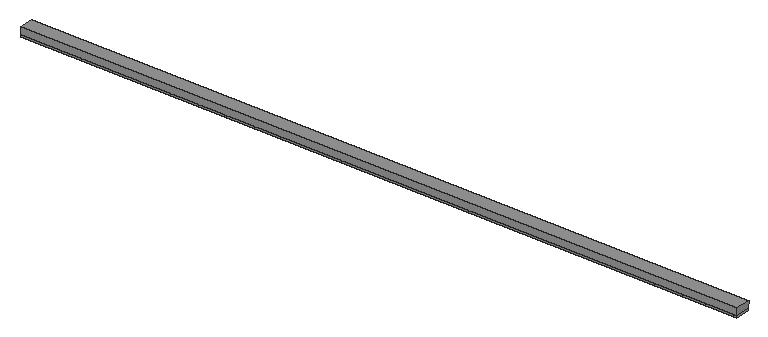
Revit family "0068107", category Lighting Fixtures, host Face, Revit 2017
Family settings
  Host = Face
  Round Connector Dimension = Use Diameter
  Part Type = Normal
  OmniClass Number = 23.80.70.00
  OmniClass Title = Lighting
  Cut with Voids When Loaded = No
  Light Source = Yes
  Shared = No
  Room Calculation Point = No
Parameters (values of type "0068107 START ECO FLEX IP67 840 5000LM - 500 mm")
  Width_SYL = if(IP20HO_SYL, 10 mm, if(IP65_SYL, 12 mm, if(IP65HO_SYL, 10 mm, if(IP67_SYL, 10 mm, if(IP20RGB_SYL, 8 mm, if(IP20RGBW_SYL, 12 mm, if(IP67RGB_SYL, 12 mm, if(IP67RGBW_SYL, 14 mm, 8 mm))))))))  # 10 mm
  Weight = "3.5 kg"
  Wattage Comments = ""
  Wattage = 47.5 W
  WarrantyStartDate [instance] = "n/a"
  WarrantyGuarantorParts = "n/a"
  WarrantyDurationUnit = "n/a"
  WarrantyDurationParts = "n/a"
  WarrantyDescription = "n/a"
  built-in parameter 1150110 = 1 (stored number, unit not read)
  Voltage = 24 V
  URL = "http://www.sylvania-lighting.com"
  TypeName = "START ECO FLEX IP67 840 5000LM - 500 mm"
  Type Image = <None>
  Type Comments = "n/a"
  built-in parameter 1114217 = 1 (stored number, unit not read)
  Tilt Angle = -90.00°
  built-in parameter 1150109 = 1 (stored number, unit not read)
  built-in parameter 1150134 = 12
  built-in parameter 1150113 = 1 (stored number, unit not read)
  StartCapWidth_SYL = if(IP20HO_SYL, 2 mm, if(IP65_SYL, 14 mm, if(IP65HO_SYL, 12 mm, if(IP67_SYL, 17.5 mm, if(IP20RGB_SYL, 2 mm, if(IP20RGBW_SYL, 2 mm, if(IP67RGB_SYL, 14 mm, if(IP67RGBW_SYL, 16 mm, 2 mm))))))))  # 17.5 mm
  StartCapVisible_SYL [instance] = no
  StartCapLength_SYL = if(IP20HO_SYL, 2 mm, if(IP65_SYL, 10 mm, if(IP65HO_SYL, 15 mm, if(IP67_SYL, 35 mm, if(IP20RGB_SYL, 2 mm, if(IP20RGBW_SYL, 2 mm, if(IP67RGB_SYL, 12 mm, if(IP67RGBW_SYL, 12 mm, 2 mm))))))))  # 35 mm
  StartCapHeight_SYL = if(IP20HO_SYL, 2 mm, if(IP65_SYL, 6 mm, if(IP65HO_SYL, 6 mm, if(IP67_SYL, 9.5 mm, if(IP20RGB_SYL, 2 mm, if(IP20RGBW_SYL, 2 mm, if(IP67RGB_SYL, 7 mm, if(IP67RGBW_SYL, 7 mm, 2 mm))))))))  # 9.5 mm
  SerialNumber [instance] = "n/a"
  SealingVisibility_SYL = yes
  IP67_SYL = yes
  IP67RGB_SYL = no
  IP67RGBW_SYL = no
  IP65_SYL = no
  IP65HO_SYL = no
  IP20RGB_SYL = no
  IP20RGBW_SYL = no
  IP20HO_SYL = no
  HeightWithSealing_SYL = if(IP20HO_SYL, 2 mm, if(IP65_SYL, 4 mm, if(IP65HO_SYL, 4 mm, if(IP67_SYL, 6 mm, if(IP20RGB_SYL, 2 mm, if(IP20RGBW_SYL, 2 mm, if(IP67RGB_SYL, 5 mm, if(IP67RGBW_SYL, 5 mm, 2 mm))))))))  # 6 mm
  Photometric Web File = "0068107.ies"
  Material_3_SYL = ABS Plastic
  PowerFactor = 0
  PowerConsumption = "47.5 W"
  NominalLength = 5000 mm
  NominalHeight = 6 mm
  NominalDepth = 13.5 mm
  Name = "START ECO FLEX IP67 840 5000LM - 500 mm"
  ModelReference = Name  # "START ECO FLEX IP67 840 5000LM - 500 mm"
  ModelNumber = "0068107"
  Model = Name  # "START ECO FLEX IP67 840 5000LM - 500 mm"
  Material = "pvc housing, pvc diffuser"
  ManufacturerName = "Feilo Sylvania"
  Manufacturer = "Feilo Sylvania"
  LuminousEfficacy = "105 lm/W"
  built-in parameter 1150105 = 1737.9 (stored number, unit not read)
  Lumens = 4987.5 lm
  LuminaireType = ""
  built-in parameter 1150115 = 1 (stored number, unit not read)
  LightOutputRatio = "n/a"
  built-in parameter 1150137 = (empty or 0)
  built-in parameter 1150139 = (empty or 0)
  Length_SYL = 500 mm
  LampsType = Lamp  # "LED"
  LampNominalLuminous = "5000 lm"
  LampMacAdamStep = "3"
  LampColourTemperature = "4000 K"
  LampColourRenderingIndex = "80"
  built-in parameter 1150112 = 1 (stored number, unit not read)
  built-in parameter 1150114 = 1 (stored number, unit not read)
  Lamp = "LED"
  Keynote = "16500"
  InstallationDate [instance] = "n/a"
  InputVoltage = "24V DC"
  InputNominalFrequency = "n/a"
  built-in parameter 1150132 = (empty or 0)
  built-in parameter 1150102 = (empty or 0)
  built-in parameter 1150107 = 4000 (stored number, unit not read)
  built-in parameter 1150138 = (empty or 0)
  IngressProtection = "IP67"
  ImpactProtectionIndex = "IK00"
  built-in parameter 1150106 = 17.379 (stored number, unit not read)
  IfcExportType = "IfcLightFixtureType"
  IfcExportAs = "IfcLightFixtureType"
  EndCapWidth_SYL = if(IP20HO_SYL, 2 mm, if(IP65_SYL, 14 mm, if(IP65HO_SYL, 12 mm, if(IP67_SYL, 17.5 mm, if(IP20RGB_SYL, 2 mm, if(IP20RGBW_SYL, 2 mm, if(IP67RGB_SYL, 14 mm, if(IP67RGBW_SYL, 16 mm, 2 mm))))))))  # 17.5 mm
  EndCapVisible_SYL [instance] = no
  EndCapLength_SYL = if(IP20HO_SYL, 2 mm, if(IP65_SYL, 10 mm, if(IP65HO_SYL, 10 mm, if(IP67_SYL, 15 mm, if(IP20RGB_SYL, 2 mm, if(IP20RGBW_SYL, 2 mm, if(IP67RGB_SYL, 10 mm, if(IP67RGBW_SYL, 10 mm, 2 mm))))))))  # 15 mm
  EndCapHeight_SYL = if(IP20HO_SYL, 2 mm, if(IP65_SYL, 6 mm, if(IP65HO_SYL, 6 mm, if(IP67_SYL, 9.5 mm, if(IP20RGB_SYL, 2 mm, if(IP20RGBW_SYL, 2 mm, if(IP67RGB_SYL, 7 mm, if(IP67RGBW_SYL, 7 mm, 2 mm))))))))  # 9.5 mm
  EmitSurfaceOffset_SYL = 1 mm  # constant formula
  EmitSurfaceHeight_SYL = if(IP20HO_SYL, 1.2 mm, if(IP65_SYL, 4 mm, if(IP65HO_SYL, 4 mm, if(IP67_SYL, 6 mm, if(IP20RGB_SYL, 1.2 mm, if(IP20RGBW_SYL, 1.2 mm, if(IP67RGB_SYL, 5 mm, if(IP67RGBW_SYL, 5 mm, 1.2 mm))))))))  # 6 mm
  built-in parameter 1150127 = if(IP20HO_SYL, 3.5 mm, if(IP65_SYL, 12 mm, if(IP65HO_SYL, 10 mm, if(IP67_SYL, 10 mm, if(IP20RGB_SYL, 5 mm, if(IP20RGBW_SYL, 5 mm, if(IP67RGB_SYL, 12 mm, if(IP67RGBW_SYL, 14 mm, 3.5 mm))))))))  # 10 mm
  Emit from Rectangle Length = Length_SYL - 2 * EmitSurfaceOffset_SYL  # 498 mm
  Emit Shape Visible in Rendering = no
  ElectricShockClassification = "Class III"
  built-in parameter 1150104 = 9.7548 (stored number, unit not read)
  DocumentationLiterature = "http://www.sylvania-lighting.com/product/en-int/products/0068107"
  DimmingControlOptions = "n/a"
  Material_2_SYL = LED
  Dimming Lamp Color Temperature Shift = <None>
  Description = "5 metre IP67 LED reel with pre-attached 3M adhesive type;  equipped with 300 LEDs; 5000lm per 5m (1000lm per 1m); 24V; 4000K; CRI80; SDCM <3; 30000 hrs (L70)"
  Default Elevation = 1219.2 mm
  CreatedOn = "9/11/2019"
  CreatedBy = "@sylvania-lighting.com"
  Cost = 0
  Color Filter = 16777215
  built-in parameter 1114216 [instance] = (empty or 0)
  ClassificationValue = "EF_70_80"
  ClassificationName = "Uniclass2015"
  Material_1_SYL = Aluminum
  BarCode [instance] = "n/a"
  built-in parameter 1114218 = 1 (stored number, unit not read)
  Emit from Rectangle Width = 3048 mm
  AssetType = "Fixed"
  AssetIdentifier [instance] = "n/a"
  Assembly Code = "D5020200"
  Apparent Load = 47.5 VA
  Material_4_SYL = Polycarbonate, Clear
Types (4, lengths in mm): name | TypeName | StartCapVisible_SYL | Name | ModelReference | Model | Length_SYL | EndCapVisible_SYL | Emit from Rectangle Length
  0068107 START ECO FLEX IP67 840 5000LM - 500 mm | "START ECO FLEX IP67 840 5000LM - 500 mm" | no | "START ECO FLEX IP67 840 5000LM - 500 mm" | "START ECO FLEX IP67 840 5000LM - 500 mm" | "START ECO FLEX IP67 840 5000LM - 500 mm" | 500 | no | 498
  0068107 START ECO FLEX IP67 840 5000LM - 100 mm | "START ECO FLEX IP67 840 5000LM - 100 mm" | no | "START ECO FLEX IP67 840 5000LM - 100 mm" | "START ECO FLEX IP67 840 5000LM - 100 mm" | "START ECO FLEX IP67 840 5000LM - 100 mm" | 100 | no | 98
  0068107 START ECO FLEX IP67 840 5000LM - 50 mm | "START ECO FLEX IP67 840 5000LM - 50 mm" | yes | "START ECO FLEX IP67 840 5000LM - 50 mm" | "START ECO FLEX IP67 840 5000LM - 50 mm" | "START ECO FLEX IP67 840 5000LM - 50 mm" | 50 | yes | 48
  0068107 START ECO FLEX IP67 840 5000LM - 10 mm | "START ECO FLEX IP67 840 5000LM - 10 mm" | yes | "START ECO FLEX IP67 840 5000LM - 10 mm" | "START ECO FLEX IP67 840 5000LM - 10 mm" | "START ECO FLEX IP67 840 5000LM - 10 mm" | 10 | yes | 8
Reference planes
  plane 1 "Center (Front/Back)": y = 0
  plane 2: z = 0
  plane 3 "Center (Left/Right)": x = 0
  plane 4: y = 5
  plane 5: y = -5
  plane 6: z = 1.2
  plane 7: x = 500
  plane 8: x = 250
  plane 9: x = 1
  plane 10: x = 499
  plane 11: y = 1.8
  plane 12: y = -1.8
  plane 13: y = 8.75
  plane 14: y = -8.75
  plane 15: x = -35
  plane 16: x = 515
  plane 17: y = 8.75
  plane 18: y = -8.75
  plane 19: z = 6
  plane 20: z = 6
  plane 21: z = 3
  plane 22: z = -1.75
  plane 23: z = 7.75
  plane 24: z = 7.75
  plane 25: z = -1.75
Forms (mm)
  Extrusion 1, solid, material "Aluminum" <- "Material_1_SYL"
    sketch origin (0, 0, 0) x (0, 1, 0) y (0, 0, 1)
      loop
        line (-5, 1.2) -> (-5, 0) -> (5, 0) -> (5, 1.2) -> (-5, 1.2)
    from 0 to 500
  Extrusion 2, solid, material "Polycarbonate, Clear" <- "Material_4_SYL", visible <- "SealingVisibility_SYL"
    sketch origin (0, 0, 0) x (0, 1, 0) y (0, 0, 1)
      loop
        line (-5, 1.2) -> (5, 1.2) -> (5, 6) -> (-5, 6) -> (-5, 1.2)
    from 0 to 500
  Extrusion 3, solid, visible <- "StartCapVisible_SYL"
    sketch origin (0, 0, 0) x (0, 1, 0) y (0, 0, 1)
      loop
        line (-8.75, -1.75) -> (8.75, -1.75) -> (8.75, 7.75) -> (-8.75, 7.75) -> (-8.75, -1.75)
    from 0 to -35
  Extrusion 4, solid, visible <- "EndCapVisible_SYL"
    sketch origin (500, 1524, 1219.2) x (0, 1, 0) y (0, 0, 1)
      loop
        line (-1515.25, -1220.95) -> (-1515.25, -1211.45) -> (-1532.75, -1211.45) -> (-1532.75, -1220.95) -> (-1515.25, -1220.95)
    from 0 to 15
Lines and regions (mm)
  Split face 1
    outline origin (0, -5, 1.2) x (0, 1, 0) y (-1, 0, 0)
      loop
        line (6.8, -1) -> (3.2, -1) -> (3.2, -499) -> (6.8, -499) -> (6.8, -1)
  reference lines
    curve 1: line (1, 1.8, 0) -> (499, 1.8, 0)
    curve 2: line (1, -1.8, 0) -> (1, 1.8, 0)
    curve 3: line (499, -1.8, 0) -> (1, -1.8, 0)
    curve 4: line (499, 1.8, 0) -> (499, -1.8, 0)
Dimensions and locks
  equal spacing: plane 5, plane 1 "Center (Front/Back)", plane 4
  "Width_SYL": plane 5 to plane 4
  "Length_SYL": plane 3 "Center (Left/Right)" to plane 7
  "EmitSurfaceOffset_SYL": plane 3 "Center (Left/Right)" to plane 9
  equal spacing: plane 9, plane 8, plane 10
  "EmitSurfaceOffset_SYL": plane 10 to plane 7
  equal spacing: plane 12, plane 1 "Center (Front/Back)", plane 11
  locked: plane 12 to plane 11 at 3.6
  equal spacing: plane 14, plane 1 "Center (Front/Back)", plane 13
  "StartCapWidth_SYL": plane 14 to plane 13
  "StartCapLength_SYL": plane 15 to plane 3 "Center (Left/Right)"
  equal spacing: plane 18, plane 1 "Center (Front/Back)", plane 17
  "EndCapWidth_SYL": plane 18 to plane 17
  "EndCapLength_SYL": plane 7 to plane 16
  "EmitSurfaceHeight_SYL": plane 19 to plane 2
  "HeightWithSealing_SYL": host face to plane 20
  equal spacing: plane 2, plane 21, plane 19
  equal spacing: plane 22, plane 21, plane 23
  "EndCapHeight_SYL": plane 22 to plane 23
  equal spacing: plane 25, plane 21, plane 24
  "StartCapHeight_SYL": plane 25 to plane 24
  aligned and locked: plane 2 to host face
  aligned and locked: level to host face
  aligned and locked: plane 6 to Extrusion 1 sketch curve
  aligned and locked: Extrusion 1 sketch curve to plane 5
  aligned and locked: level to Extrusion 1 sketch curve
  aligned and locked: plane 4 to Extrusion 1 sketch curve
  aligned and locked: plane 7 to Extrusion 1
  aligned and locked: imposter light to plane 1 "Center (Front/Back)"
  aligned and locked: plane 8 to imposter light
  aligned and locked: plane 11 to curve 1
  aligned and locked: plane 9 to curve 2
  aligned and locked: curve 3 to plane 12
  aligned and locked: curve 4 to plane 10
  aligned and locked: Split face 1 sketch curve to curve 1
  aligned and locked: Split face 1 sketch curve to curve 4
  aligned and locked: Split face 1 sketch curve to curve 3
  aligned and locked: Split face 1 sketch curve to curve 2
  aligned and locked: imposter light to plane 19
  aligned and locked: Extrusion 2 sketch curve to Extrusion 1  (x2)
  aligned and locked: Extrusion 2 sketch curve to plane 20
  aligned and locked: Extrusion 2 sketch curve to plane 4
  aligned and locked: Extrusion 2 to plane 3 "Center (Left/Right)"
  aligned and locked: plane 7 to Extrusion 2
  aligned and locked: plane 22 to Extrusion 3 sketch curve
  aligned and locked: plane 14 to Extrusion 3 sketch curve
  aligned and locked: Extrusion 3 sketch curve to plane 23
  aligned and locked: Extrusion 3 sketch curve to plane 13
  aligned and locked: Extrusion 3 to plane 15
  aligned and locked: plane 3 "Center (Left/Right)" to Extrusion 3
  aligned and locked: plane 13 to Extrusion 4 sketch curve
  aligned and locked: plane 23 to Extrusion 4 sketch curve
  aligned and locked: Extrusion 4 sketch curve to plane 18
  aligned and locked: Extrusion 4 sketch curve to plane 25
  aligned and locked: plane 16 to Extrusion 4
  aligned and locked: Extrusion 4 to plane 7
Automatic sketch dimensions
  host sketch curve to host sketch curve = 600 mm
  host sketch curve to host sketch curve = 100 mm
Connectors
  electrical at (0, 0, 0.6), driven by "Voltage", driven by "Apparent Load", driven by "PowerFactor"
    settings: on Extrusion 1, index 1, voltage 24 V, apparent load 47.5 VA, apparent load phase1 0 VA, apparent load phase2 0 VA, apparent load phase3 0 VA, power factor 0, load classification "Other", number of poles 1, system type 30, power factor state 1, is connector primary yes, connector utility no, sub classification motor no, connector description ""
